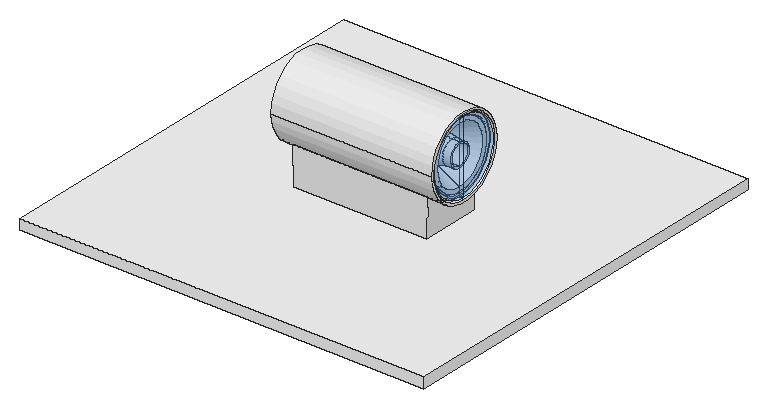
Revit family "BE_24519_de_DE", category Leuchten, Revit 2020
Family settings
  Basisbauteil = Fläche
  Bemaßung runder Anschluss = Durchmesser verwenden
  Teiletyp = Normal
  Beim Laden mit Abzugskörper schneiden = Ja
  Lichtquelle = Ja
  Gemeinsam genutzt = Nein
  Raumberechnungspunkt = Ja
Parameters (values of type "BEGA_24519_Weiß_K4")
  built-in parameter 1150104 = 16.317 (stored number, unit not read)
  Wattage = 7.8 W
  Default Elevation = 0 mm
  built-in parameter 1150113 = 1 (stored number, unit not read)
  built-in parameter 1114218 = 1 (stored number, unit not read)
  Umgebungstemperatur = "25 °C"
  URL = "https://www.bega.com/de/produkt/24519"
  Typenkommentare = "© 2022 BEGA. Wir behalten uns das Recht vor, technische Änderungen ohne vorherige Ankündigung vorzunehmen."  # constant formula
  built-in parameter 1150134 = 12
  built-in parameter 1150109 = 1 (stored number, unit not read)
  Strom = ""
  built-in parameter 1150110 = 1 (stored number, unit not read)
  Spannung = 239.996 V
  Sonderanfertigung = no
  Seriennummer [instance] = "Hier können Sie die eindeutige Seriennummer für das Facility Management eintragen."
  Schutzklasse = "I"
  Schutzart = "IP 65"
  Scheinlast = 0 VA
  Produktdatenblatt = "https://cdn.bega.com/bega/products/24519AK3/current/documents/data-sheets/de"
  Oberflächentemperatur = ""
  Neigungswinkel = 0.00°
  Modell = "24519WK4"
  Material_36 = BEGA_Oberfläche_Weiss_matt
  Material_15 = BEGA_Leuchtmedium_matt
  Material_10 = BEGA_Glas_matt
  Material_03 = BEGA_Oberfläche_Weiss_matt
  Material_02 = BEGA_Oberfläche_Silber_matt
  Material_01 [instance] = BEGA_Oberfläche_Grafit_matt
  M_W = yes
  M_G = no
  M_A = no
  Logo = 0
  built-in parameter 1114217 = 1 (stored number, unit not read)
  built-in parameter 1150139 = (empty or 0)
  built-in parameter 1150105 = 109.02 (stored number, unit not read)
  built-in parameter 1150114 = 1 (stored number, unit not read)
  Lumens = 1369.99 lm
  built-in parameter 1150115 = 1 (stored number, unit not read)
  Leuchtenlichtstrom = "718 lm"
  Leuchtenanzahl = ""
  Lebensdauerkriterien = "L70B50 @ 25 °C = 200000 h"
  Lastklassifizierung = Beleuchtung
  built-in parameter 1150112 = 1 (stored number, unit not read)
  Lampenlichtstrom = "1370 lm"
  Lampe = "LED 7.8 W"
  LED_Modulbezeichnung = "2x LED-1029/840"
  built-in parameter 1150142 = (empty or 0)
  Hersteller = "BEGA"  # constant formula
  Halbstreuwinkel = ""
  Gewicht = "1.2 kg"
  Gebrauchslageneinschränkung [instance] = ""
  Frequenz = "0/50-60 Hz"
  Farbwiedergabeindex = "CRI > 80"
  Farbtemperaturverschiebung bei Dämpfen der Lampe = <Keine Auswahl>
  Farbtemperatur = "4000 K"
  Color Filter = 16777215
  built-in parameter 1150133 = 10 (stored number, unit not read)
  Energieeffizienzklasse = "LED A++ - A"
  built-in parameter 1150137 = (empty or 0)
  built-in parameter 1150132 = (empty or 0)
  ENEC = "ja"
  Dimmbar [instance] = "on/off"
  Datei für fotometrisches Netz = "BE_24519K4.IES"
  CE_Konformität = "ja"
  Bestellnummer = "24519WK4"
  Beschreibung_Sonderanfertigung = "Hier können Sie Informationen zur Sonderanfertigung eintragen."
  Beschreibung = "Wandleuchte"
  built-in parameter 1150106 = 1.0902 (stored number, unit not read)
  Befestigungsbohrung = "Ø 4,5 mm"
  Befestigungsabstand = "38 x 110 mm"
  Ballwurfsicher = ""
  BEGA_Intern_aus = yes
  BEGA_Intern_an = yes
  BEGA_Intern_Konstruktion = yes
  BEGA_Intern = yes
  BEGA_IES = yes
  BEGA_Dummy = no
  Anschlussleitung = ""
  Anschlussleistung [instance] = "9 W"
  Anschlusskasten = ""
  built-in parameter 1150107 = 4000 (stored number, unit not read)
  built-in parameter 1150102 = (empty or 0)
  built-in parameter 1150138 = (empty or 0)
  Aktualisierung = "2022-05-18T04:00:07"
  Abstand_zur_angestrahlten_Fläche [instance] = ""
  AC/DC = "AC/DC"
Types (6, lengths in mm): name | built-in parameter 1150104 | built-in parameter 1150134 | Modell | M_W | M_G | M_A | built-in parameter 1150105 | Lumens | Leuchtenlichtstrom | Lampenlichtstrom | LED_Modulbezeichnung | Farbtemperatur | Datei für fotometrisches Netz | Bestellnummer | built-in parameter 1150106 | built-in parameter 1150107
  BEGA_24519_Weiß_K3 | 15.364 (stored number, unit not read) | (empty or 0) | "24519WK3" | yes | no | no | 102.65 (stored number, unit not read) | 1289.96 lm | "676 lm" | "1290 lm" | "2x LED-1029/830" | "3000 K" | "BE_24519K3.IES" | "24519WK3" | 1.0265 (stored number, unit not read) | 3000 (stored number, unit not read)
  BEGA_24519_Grafit_K4 | 16.317 (stored number, unit not read) | 12 | "24519K4" | no | yes | no | 109.02 (stored number, unit not read) | 1369.99 lm | "718 lm" | "1370 lm" | "2x LED-1029/840" | "4000 K" | "BE_24519K4.IES" | "24519K4" | 1.0902 (stored number, unit not read) | 4000 (stored number, unit not read)
  BEGA_24519_Weiß_K4 | 16.317 (stored number, unit not read) | 12 | "24519WK4" | yes | no | no | 109.02 (stored number, unit not read) | 1369.99 lm | "718 lm" | "1370 lm" | "2x LED-1029/840" | "4000 K" | "BE_24519K4.IES" | "24519WK4" | 1.0902 (stored number, unit not read) | 4000 (stored number, unit not read)
  BEGA_24519_Grafit_K3 | 15.364 (stored number, unit not read) | (empty or 0) | "24519K3" | no | yes | no | 102.65 (stored number, unit not read) | 1289.96 lm | "676 lm" | "1290 lm" | "2x LED-1029/830" | "3000 K" | "BE_24519K3.IES" | "24519K3" | 1.0265 (stored number, unit not read) | 3000 (stored number, unit not read)
  BEGA_24519_Silber_K4 | 16.317 (stored number, unit not read) | 12 | "24519AK4" | no | no | yes | 109.02 (stored number, unit not read) | 1369.99 lm | "718 lm" | "1370 lm" | "2x LED-1029/840" | "4000 K" | "BE_24519K4.IES" | "24519AK4" | 1.0902 (stored number, unit not read) | 4000 (stored number, unit not read)
  BEGA_24519_Silber_K3 | 15.364 (stored number, unit not read) | (empty or 0) | "24519AK3" | no | no | yes | 102.65 (stored number, unit not read) | 1289.96 lm | "676 lm" | "1290 lm" | "2x LED-1029/830" | "3000 K" | "BE_24519K3.IES" | "24519AK3" | 1.0265 (stored number, unit not read) | 3000 (stored number, unit not read)
Reference planes
  plane 1 "Mitte (Vorne/Hinten)": y = 0
  plane 2: z = 0
  plane 3 "Mitte (Links/Rechts)": x = 0
  plane 4 "Links": x = -79.5
  plane 5 "Rechts": x = 79.5
  plane 6 "Unten": y = -40.076
  plane 7 "Oben": y = 40.06
  plane 8 "Vorne": z = 105.329
Forms (mm)
  Extrusion 1, solid, material "BEGA_Platte_Weiss"
    sketch origin (0, -1119.2, 0) x (1, 0, 0) y (0, 1, 0)
      loop
        line (-200, 1319.2) -> (-200, 919.2) -> (200, 919.2) -> (200, 1319.2) -> (-200, 1319.2)
    from 0 to -10
  Extrusion 2, solid, material "BEGA_Dummy_matt", visible <- "BEGA_Dummy"
    sketch origin (80.095, -76.023, 0) x (1, 0, 0) y (0, 1, 0)
      loop
        line (-159.595, 116.083) -> (-159.595, 35.947) -> (-0.595, 35.947) -> (-0.595, 116.083) -> (-159.595, 116.083)
    from 0 to 105.329
Dimensions and locks
  plane 1 "Mitte (Vorne/Hinten)" to Extrusion 1 = 200 mm
  aligned and locked: Extrusion 1 to plane 2
  aligned and locked: Extrusion 1 to level
Nested families
  nested 1: "BE_24519" at (0, 0, 0), type "BE_24519"
Connectors
  electrical at (0, 0, 0), driven by "Lastklassifizierung", driven by "Spannung", driven by "Scheinlast"
    settings: index 1, voltage 239.996 V, apparent load 0 VA, apparent load phase1 0 VA, apparent load phase2 0 VA, apparent load phase3 0 VA, power factor 1, load classification "Beleuchtung", number of poles 1, system type 31, power factor state 1, is connector primary yes, connector utility no, sub classification motor no, connector description ""
Definition of nested family "BE_24519"
  Parameters (values of type "BE_24519")
    Default Elevation = 1 mm
    URL = "http://www.bega.de/de/produkt"
    Type Comments = "© 2015 BEGA. Wir behalten uns das Recht vor, technische Änderungen ohne vorherige Ankündigung vorzunehmen. "  # constant formula
    Type Image = (empty or 0)
    Material_36 = none
    Material_15 = none
    Material_10 = none
    Material_03 = none
    Material_02 = none
    Material_01 = none
    M_W = yes
    M_G = no
    M_A = no
    Länge_Platte = 200 mm  # constant formula
    Höhe_Platte = -10 mm  # constant formula
    Manufacturer = "BEGA"  # constant formula
    Breite_Platte = 200 mm  # constant formula
  Reference planes
    plane 1 "Mitte (Oben/Unten)": y = 0
    plane 2: z = 0
    plane 3 "Mitte (Links/Rechts)": x = 0
    plane 4: y = 40.06
    plane 5: x = 79.5
    plane 6: y = -40.076
    plane 7: x = -79.5
    plane 8: z = 105.329
  Forms (mm)
    Extrusion 1, solid, detail levels medium
      sketch origin (0, 0, 0) x (1, 0, 0) y (0, 1, 0)
        loop
          line (-100, 100) -> (-100, -100) -> (100, -100) -> (100, 100) -> (-100, 100)
      from 0 to -10 <- "Höhe_Platte"
    Extrusion 2, solid, material <- "Material_01", visible <- "M_G"
      sketch origin (0, 0, 0) x (1, 0, 0) y (0, 0, 1)
        loop
          line (66.514, 39.932) -> (-66.514, 39.932) -> (-65.469, 0) -> (65.469, 0) -> (66.514, 39.932)
      from -29.127 to 29.01
    Extrusion 3, solid, material <- "Material_01", visible <- "M_G"
      sketch origin (0, 0, 0) x (0, 1, 0) y (0, 0, 1)
        loop
          circle (0, 65.2) r 40
      from -79.5 to 79.5
    Revolve 4, void
      sketch origin (0, 0, 0) x (1, 0, 0) y (0, 0, 1)
        loop
          line (75.3, 102.053) -> (75.3, 98.782) -> (40.25, 98.171) -> (40.25, 65.2) -> (79.5, 65.2) -> (79.5, 103.582) -> (75.3, 102.053)
        loop
          line (-75.3, 98.782) -> (-75.3, 102.053) -> (-79.5, 103.582) -> (-79.5, 65.2) -> (-40.25, 65.2) -> (-40.25, 98.171) -> (-75.3, 98.782)
        axis (79.5, 65.2) -> (-79.5, 65.2)
      angle from 0 to 360
    Extrusion 5, solid, material <- "Material_15"
      sketch origin (0, 0, 0) x (1, 0, 0) y (0, 0, 1)
        loop
          line (41.95, 67.7) -> (41.95, 62.7) -> (42.75, 62.7) -> (42.75, 67.7) -> (41.95, 67.7)
      from -2.5 to 2.5
    Extrusion 6, solid, material <- "Material_15"
      sketch origin (0, 0, 0) x (-1, 0, 0) y (0, 0, -1)
        loop
          line (41.95, -67.7) -> (42.75, -67.7) -> (42.75, -62.7) -> (41.95, -62.7) -> (41.95, -67.7)
      from -2.5 to 2.5
    Extrusion 7, solid, material <- "Material_03", visible <- "M_W"
      sketch origin (0, 0, 0) x (0, 1, 0) y (0, 0, 1)
        loop
          circle (0, 65.2) r 40
      from -79.5 to 79.5
    Extrusion 8, solid, material <- "Material_03", visible <- "M_W"
      sketch origin (0, 0, 0) x (1, 0, 0) y (0, 0, 1)
        loop
          line (66.514, 39.932) -> (-66.514, 39.932) -> (-65.469, 0) -> (65.469, 0) -> (66.514, 39.932)
      from -29.127 to 29.01
    Extrusion 9, solid, material <- "Material_03", visible <- "M_W"
      sketch origin (0, 0, 0) x (0, 1, 0) y (0, 0, 1)
        loop
          circle (0, 65.2) r 40
      from -79.5 to 79.5
    Extrusion 10, solid, material <- "Material_03", visible <- "M_W"
      sketch origin (0, 0, 0) x (1, 0, 0) y (0, 0, 1)
        loop
          line (66.514, 39.932) -> (-66.514, 39.932) -> (-65.469, 0) -> (65.469, 0) -> (66.514, 39.932)
      from -29.127 to 29.01
    Extrusion 11, solid, material <- "Material_02", visible <- "M_A"
      sketch origin (0, 0, 0) x (0, 1, 0) y (0, 0, 1)
        loop
          circle (0, 65.2) r 40
      from -79.5 to 79.5
    Extrusion 12, solid, material <- "Material_02", visible <- "M_A"
      sketch origin (0, 0, 0) x (1, 0, 0) y (0, 0, 1)
        loop
          line (66.514, 39.932) -> (-66.514, 39.932) -> (-65.469, 0) -> (65.469, 0) -> (66.514, 39.932)
      from -29.127 to 29.01
    Revolve 13, solid, material <- "Material_10"
      sketch origin (0, 0, 0) x (1, 0, 0) y (0, 0, 1)
        loop
          line (79.51, 101.7) -> (75.4, 101.7) -> (75.4, 65.2) -> (79.51, 65.2) -> (79.51, 101.7)
        axis (79.51, 65.2) -> (75.4, 65.2)
      angle from 0 to 360
    Revolve 14, solid, material <- "Material_10"
      sketch origin (0, 0, 0) x (-1, 0, 0) y (0, 0, 1)
        loop
          line (79.51, 101.7) -> (75.4, 101.7) -> (75.4, 65.2) -> (79.51, 65.2) -> (79.51, 101.7)
        axis (79.51, 65.2) -> (75.4, 65.2)
      angle from 0 to 360
    Extrusion 15, void
      sketch origin (0, 0, 0) x (1, 0, 0) y (0, 1, 0)
        loop
          circle (-55, -20) r 2.25
        loop
          arc (52.75, 16) -> (55, 13.75) -> (57.25, 16) r 2.25
          line (57.25, 16) -> (57.25, 20)
          arc (57.25, 20) -> (55, 22.25) -> (52.75, 20) r 2.25
          line (52.75, 20) -> (52.75, 16)
        loop
          circle (30, -8.5) r 2.5
        loop
          circle (-30, -8.5) r 2.5
      from 0 to 27.187
    Revolve 16, solid
      sketch origin (0, 0, 0) x (-1, 0, 0) y (0, 0, 1)
        loop
          line (75.3, 93.3) -> (75.3, 97.426) -> (70.187, 99.093) -> (74.034, 94.433)
          arc (74.034, 94.433) -> (58.49, 91.726) -> (44.693, 84.071) r 47.45
          line (44.693, 84.071) -> (43.5, 77.305) -> (43.5, 72.2) -> (44.7, 72.221) -> (44.7, 77.2) -> (45.811, 83.502)
          arc (45.811, 83.502) -> (57.993, 90.265) -> (71.634, 93.101) r 46.34
          line (71.634, 93.101) -> (75.3, 93.3)
        axis (75.3, 65.2) -> (43.5, 65.2)
      angle from 0 to 360
    Revolve 17, solid, material <- "Material_36"
      sketch origin (0, 0, 0) x (1, 0, 0) y (0, 0, 1)
        loop
          line (75.3, 93.549) -> (75.3, 97.426) -> (70.187, 99.093) -> (74.3, 94.11) -> (44.7, 80.385) -> (44.7, 75.996) -> (75.1, 75.2) -> (75.1, 76.4) -> (67.475, 76.6) -> (56.2, 79.1) -> (46.782, 79.182) -> (75.3, 93.549)
        axis (75.3, 65.2) -> (44.7, 65.2)
      angle from 0 to 360
  Cuts and joins
    Revolve 4, Extrusion 15 cuts Extrusion 2
    Revolve 4, Extrusion 15 cuts Extrusion 3
    joined: Extrusion 2, Extrusion 3
    Revolve 4, Extrusion 15 cuts Extrusion 9
    Revolve 4, Extrusion 15 cuts Extrusion 7
    Revolve 4, Extrusion 15 cuts Extrusion 8
    Revolve 4, Extrusion 15 cuts Extrusion 10
    joined: Extrusion 7, Extrusion 8, Extrusion 10
    Revolve 4, Extrusion 15 cuts Extrusion 11
    Revolve 4, Extrusion 15 cuts Extrusion 12
    joined: Extrusion 11, Extrusion 12
  Dimensions and locks
    equal spacing: Extrusion 1 sketch curve, plane 3 "Mitte (Links/Rechts)", Extrusion 1 sketch curve
    equal spacing: Extrusion 1 sketch curve, plane 1 "Mitte (Oben/Unten)", Extrusion 1 sketch curve
    "Länge_Platte": Extrusion 1 sketch curve to Extrusion 1 sketch curve
    "Breite_Platte": Extrusion 1 sketch curve to Extrusion 1 sketch curve
    aligned and locked: Extrusion 1 to plane 2
    aligned and locked: level to Extrusion 1
  Automatic sketch dimensions
    Extrusion 2 sketch curve to level = 0 mm
    Extrusion 2 sketch curve to plane 7 = 12.986 mm
    Extrusion 2 sketch curve to plane 7 = 14.031 mm
    Extrusion 2 sketch curve to plane 5 = 14.031 mm
    Extrusion 2 sketch curve to plane 5 = 12.986 mm
    level to Extrusion 2 sketch curve = 39.932 mm
    Extrusion 3 sketch curve to plane 1 "Mitte (Oben/Unten)" = 0 mm
    Extrusion 3 sketch curve to plane 8 = 40.129 mm
    plane 7 to Revolve 4 sketch curve = 0 mm  (x2)
    Revolve 4 sketch curve to plane 5 = 0 mm  (x2)
    Revolve 4 sketch curve to plane 7 = 4.2 mm
    Revolve 4 sketch curve to plane 8 = 7.158 mm  (x2)
    Revolve 4 sketch curve to Revolve 4 sketch curve = 35.05 mm
    Revolve 4 sketch curve to plane 5 = 39.25 mm
    Revolve 4 sketch curve to plane 5 = 4.2 mm
    Revolve 4 sketch curve to plane 8 = 40.129 mm  (x2)
    Revolve 4 sketch curve to plane 8 = 6.547 mm  (x2)
    Revolve 4 sketch curve to Revolve 4 sketch curve = 3.27 mm  (x2)
    Revolve 4 sketch curve to plane 8 = 1.747 mm  (x2)
    Revolve 4 sketch curve to Revolve 4 sketch curve = 0 mm
    Extrusion 5 sketch curve to plane 5 = 37.55 mm
    Extrusion 5 sketch curve to Extrusion 5 sketch curve = 0.8 mm
    Extrusion 5 sketch curve to plane 8 = 42.629 mm
    Extrusion 5 sketch curve to Extrusion 5 sketch curve = 5 mm
    plane 7 to Extrusion 6 sketch curve = 37.55 mm
    Extrusion 6 sketch curve to Extrusion 6 sketch curve = 0.8 mm
    plane 8 to Extrusion 6 sketch curve = 42.629 mm
    Extrusion 6 sketch curve to Extrusion 6 sketch curve = 5 mm
    Extrusion 7 sketch curve to plane 1 "Mitte (Oben/Unten)" = 0 mm
    Extrusion 7 sketch curve to plane 8 = 40.129 mm
    Extrusion 8 sketch curve to level = 0 mm
    Extrusion 8 sketch curve to plane 7 = 12.986 mm
    Extrusion 8 sketch curve to plane 7 = 14.031 mm
    Extrusion 8 sketch curve to plane 5 = 14.031 mm
    Extrusion 8 sketch curve to plane 5 = 12.986 mm
    level to Extrusion 8 sketch curve = 39.932 mm
    Extrusion 9 sketch curve to plane 1 "Mitte (Oben/Unten)" = 0 mm
    Extrusion 9 sketch curve to plane 8 = 40.129 mm
    Extrusion 10 sketch curve to level = 0 mm
    Extrusion 10 sketch curve to plane 7 = 12.986 mm
    Extrusion 10 sketch curve to plane 7 = 14.031 mm
    Extrusion 10 sketch curve to plane 5 = 14.031 mm
    Extrusion 10 sketch curve to plane 5 = 12.986 mm
    level to Extrusion 10 sketch curve = 39.932 mm
    Extrusion 11 sketch curve to plane 1 "Mitte (Oben/Unten)" = 0 mm
    Extrusion 11 sketch curve to plane 8 = 40.129 mm
    Extrusion 12 sketch curve to level = 0 mm
    Extrusion 12 sketch curve to plane 7 = 12.986 mm
    Extrusion 12 sketch curve to plane 7 = 14.031 mm
    Extrusion 12 sketch curve to plane 5 = 14.031 mm
    Extrusion 12 sketch curve to plane 5 = 12.986 mm
    level to Extrusion 12 sketch curve = 39.932 mm
    Revolve 13 sketch curve to plane 5 = 4.1 mm
    plane 5 to Revolve 13 sketch curve = 0.01 mm
    Revolve 13 sketch curve to plane 8 = 40.129 mm
    Revolve 13 sketch curve to plane 8 = 3.629 mm
    Revolve 13 sketch curve to plane 7 = 2.2 mm
    Revolve 13 sketch curve to plane 5 = 1.732 mm
    Revolve 13 sketch curve to Revolve 13 sketch curve = 0 mm
    plane 7 to Revolve 14 sketch curve = 4.1 mm
    Revolve 14 sketch curve to plane 7 = 0.01 mm
    plane 8 to Revolve 14 sketch curve = 40.129 mm
    plane 8 to Revolve 14 sketch curve = 3.629 mm
    plane 5 to Revolve 14 sketch curve = 2.2 mm
    plane 7 to Revolve 14 sketch curve = 1.732 mm
    Revolve 14 sketch curve to Revolve 14 sketch curve = 0 mm
    Extrusion 15 sketch curve to plane 7 = 24.5 mm
    plane 1 "Mitte (Oben/Unten)" to Extrusion 15 sketch curve = 8.5 mm  (x2)
    Extrusion 15 sketch curve to Extrusion 15 sketch curve = 25 mm
    plane 3 "Mitte (Links/Rechts)" to Extrusion 15 sketch curve = 30 mm
    Extrusion 15 sketch curve to plane 5 = 26.75 mm
    Extrusion 15 sketch curve to Extrusion 15 sketch curve = 2.25 mm
    plane 1 "Mitte (Oben/Unten)" to Extrusion 15 sketch curve = 20 mm
    Extrusion 15 sketch curve to plane 1 "Mitte (Oben/Unten)" = 16 mm
    Extrusion 15 sketch curve to Extrusion 15 sketch curve = 4 mm
    plane 7 to Revolve 16 sketch curve = 36 mm
    Revolve 16 sketch curve to Revolve 16 sketch curve = 1.193 mm
    Revolve 16 sketch curve to Revolve 16 sketch curve = 1.2 mm
    Revolve 16 sketch curve to Revolve 16 sketch curve = 1.118 mm
    plane 7 to Revolve 16 sketch curve = 9.313 mm
    Revolve 16 sketch curve to Revolve 16 sketch curve = 1.447 mm
    Revolve 16 sketch curve to Revolve 16 sketch curve = 2.4 mm
    plane 7 to Revolve 16 sketch curve = 5.36 mm
    Revolve 16 sketch curve to Revolve 16 sketch curve = 0.151 mm
    Revolve 16 sketch curve to Revolve 16 sketch curve = 1.266 mm
    Revolve 16 sketch curve to level = 46.829 mm
    Revolve 16 sketch curve to Revolve 16 sketch curve = 0.155 mm
    plane 8 to Revolve 16 sketch curve = 33.129 mm
    Revolve 16 sketch curve to Revolve 16 sketch curve = 0.021 mm
    Revolve 16 sketch curve to Revolve 16 sketch curve = 4.979 mm
    Revolve 16 sketch curve to Revolve 16 sketch curve = 0.105 mm
    Revolve 16 sketch curve to Revolve 16 sketch curve = 6.302 mm
    Revolve 16 sketch curve to Revolve 16 sketch curve = 0.569 mm
    Revolve 16 sketch curve to Revolve 16 sketch curve = 1.133 mm
    Revolve 16 sketch curve to Revolve 16 sketch curve = 2.992 mm
    Revolve 16 sketch curve to Revolve 16 sketch curve = 1.668 mm
    plane 5 to Revolve 16 sketch curve = 2.2 mm
    plane 7 to Revolve 16 sketch curve = 1.732 mm
    Revolve 16 sketch curve to Revolve 16 sketch curve = 18.216 mm
    Revolve 17 sketch curve to plane 5 = 34.8 mm
    Revolve 17 sketch curve to Revolve 17 sketch curve = 2.082 mm
    Revolve 17 sketch curve to Revolve 17 sketch curve = 9.418 mm
    Revolve 17 sketch curve to Revolve 17 sketch curve = 11.275 mm
    Revolve 17 sketch curve to plane 5 = 9.313 mm
    Revolve 17 sketch curve to plane 5 = 5.2 mm
    Revolve 17 sketch curve to plane 5 = 4.4 mm
    Revolve 17 sketch curve to Revolve 17 sketch curve = 1 mm
    Revolve 17 sketch curve to plane 8 = 30.129 mm
    Revolve 17 sketch curve to plane 8 = 29.333 mm
    Revolve 17 sketch curve to Revolve 17 sketch curve = 1.2 mm
    Revolve 17 sketch curve to Revolve 17 sketch curve = 0.2 mm
    Revolve 17 sketch curve to Revolve 17 sketch curve = 2.5 mm
    Revolve 17 sketch curve to Revolve 17 sketch curve = 3.186 mm
    Revolve 17 sketch curve to Revolve 17 sketch curve = 1.203 mm
    Revolve 17 sketch curve to plane 8 = 11.78 mm
    Revolve 17 sketch curve to Revolve 17 sketch curve = 0.562 mm
    Revolve 17 sketch curve to Revolve 17 sketch curve = 3.315 mm
    Revolve 17 sketch curve to Revolve 17 sketch curve = 1.668 mm
    Revolve 17 sketch curve to plane 7 = 2.2 mm
    Revolve 17 sketch curve to plane 5 = 1.732 mm
    Revolve 17 sketch curve to Revolve 17 sketch curve = 10 mm
    radius of Extrusion 3 sketch curve = 40 mm
    radius of Extrusion 7 sketch curve = 40 mm
    radius of Extrusion 9 sketch curve = 40 mm
    radius of Extrusion 11 sketch curve = 40 mm
    radius of Extrusion 15 sketch curve = 2.25 mm
    radius of Extrusion 15 sketch curve = 2.5 mm  (x2)
